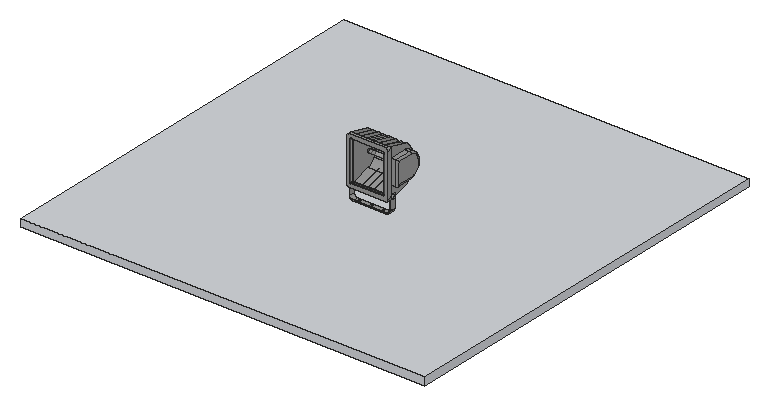
Revit family "EVJD", category Lighting Fixtures, host Face, Revit 2014
Parameters (values of type "EVJD")
  Wings = Paint - Hubbell - Light Silver
  Width = 280.00 mm
  Watts = 70 W
  Wattage Comments = "70w"
  Wattage = 70 W
  Warranty = "5 years Warranty"  # constant formula
  built-in parameter 1150110 = 1 (stored number, unit not read)
  Voltage = 120 V
  URL = "https://www.hubbell.com/chalmit/en"
  built-in parameter 1114217 = 1 (stored number, unit not read)
  Tilt Angle = 0.00°  # constant formula
  built-in parameter 1150109 = 1 (stored number, unit not read)
  built-in parameter 1150134 = 3
  built-in parameter 1150113 = 1 (stored number, unit not read)
  Reflector Finish = Hubbell - White Glass
  Product Link = "https://www.hubbell.com/chalmit/en/Products/Lighting-Controls/Harsh-Hazardous-Lighting/Flood-Lighting/Evolution-Jr/p/866083"
  Product Documentation Link = "https://hubbellcdn.com/specsheet/CHL_EVOLUTION_JR_FLOODLIGHT.pdf"
  Power Factor = 1
  Photometric Web File = "CHL_EVJD_070_MS HPS.ies"
  Pendent Height [instance] = 97.00 mm
  built-in parameter 1150142 = "IESNA:LM-63-1995\r\n[TEST]42/33591a/02.00       42 Partners\r\n[MANUFAC]Chalmit Lighting\r\n[LUMCAT]EVJD/070/MS\r\n[LUMINAIRE]Evolution Junior Wide Beam Floodlight\r\n[LAMP]70W SON-T\r\n[_LUMTYPE]Floodlight\r\n[_LAMPTYPE]HID\r\n[_LAMPMORE]Clear Tubular High Pressure Sodium, E27\r\n[_HAZRATING]Zone 1\r\n[_HAZPRO]Ex d, Ex e, ATEX, GOST, CEPEL, TIS\r\n[_ENVIRORATING]IP66, IP67\r\n[_AMBIENT]-20Â°C to +40Â°C (T4), -20Â°C to +55Â°C (T3)\r\n[_MOUNT]Surface, Suspended, Stanchion, Wall, Stirrup\r\n[_KEYWORDS]Pole, Column, Mast, Floor, Tripod, HPS\r\n[_DRAWFILE]EVJD.dwg\r\n\r\n \r\nTILT=NONE\r\n1 5800 1 37 19 2 2 0.21 0.36 0\r\n1 1 87\r\n-90 -85 -80 -75 -70 -65 -60 -55 -50 -45 -40 -35 -30 -25 -20 -15 -10 -5 0 5 10\r\n 15 20 25 30 35 40 45 50 55 60 65 70 75 80 85 90\r\n0 5 10 15 20 25 30 35 40 45 50 55 60 65 70 75 80 85 90\r\n0 11.6 23.2 46.4 75.4 121.8 208.8 510.4 649.6 1142.6 1293.4 1513.8 1664.6\r\n 1641.4 1769 1827 1948.8 2047.4 2105.4 2047.4 1948.8 1827 1769 1641.4 1664.6\r\n 1513.8 1293.4 1142.6 649.6 510.4 208.8 121.8 75.4 46.4 23.2 11.6 0\r\n0 11.6 23.2 46.4 75.4 121.8 197.2 510.4 725 1107.8 1345.6 1490.6 1618.2 1647.2\r\n 1751.6 1803.8 1931.4 2041.6 2059 2041.6 1931.4 1803.8 1751.6 1647.2 1618.2\r\n 1490.6 1345.6 1107.8 725 510.4 197.2 121.8 75.4 46.4 23.2 11.6 0\r\n0 11.6 17.4 40.6 69.6 116 185.6 493 713.4 1067.2 1299.2 1467.4 1618.2 1612.4\r\n 1716.8 1757.4 1856 1931.4 1977.8 1931.4 1856 1757.4 1716.8 1612.4 1618.2\r\n 1467.4 1299.2 1067.2 713.4 493 185.6 116 69.6 40.6 17.4 11.6 0\r\n0 11.6 17.4 40.6 63.8 110.2 174 446.6 614.8 991.8 1229.6 1403.6 1583.4 1577.6\r\n 1647.2 1676.2 1751.6 1821.2 1856 1821.2 1751.6 1676.2 1647.2 1577.6 1583.4\r\n 1403.6 1229.6 991.8 614.8 446.6 174 110.2 63.8 40.6 17.4 11.6 0\r\n0 11.6 17.4 34.8 63.8 104.4 162.4 388.6 568.4 881.6 1160 1334 1519.6 1542.8\r\n 1583.4 1612.4 1670.4 1728.4 1792.2 1728.4 1670.4 1612.4 1583.4 1542.8 1519.6\r\n 1334 1160 881.6 568.4 388.6 162.4 104.4 63.8 34.8 17.4 11.6 0\r\n0 5.8 17.4 34.8 58 92.8 145 319 527.8 771.4 1102 1276 1426.8 1461.6 1432.6 1421\r\n 1421 1438.4 1502.2 1438.4 1421 1421 1432.6 1461.6 1426.8 1276 1102 771.4 527.8\r\n 319 145 92.8 58 34.8 17.4 5.8 0\r\n0 5.8 17.4 34.8 58 81.2 121.8 243.6 498.8 643.8 974.4 1160 1264.4 1305 1223.8\r\n 1148.4 1102 1078.8 1090.4 1078.8 1102 1148.4 1223.8 1305 1264.4 1160 974.4\r\n 643.8 498.8 243.6 121.8 81.2 58 34.8 17.4 5.8 0\r\n0 5.8 17.4 29 52.2 69.6 104.4 162.4 417.6 516.2 759.8 986 1015 1102 1026.6\r\n 916.4 841 783 771.4 783 841 916.4 1026.6 1102 1015 986 759.8 516.2 417.6 162.4\r\n 104.4 69.6 52.2 29 17.4 5.8 0\r\n0 5.8 11.6 29 40.6 63.8 92.8 133.4 278.4 429.2 533.6 719.2 858.4 875.8 823.6\r\n 713.4 632.2 568.4 545.2 568.4 632.2 713.4 823.6 875.8 858.4 719.2 533.6 429.2\r\n 278.4 133.4 92.8 63.8 40.6 29 11.6 5.8 0\r\n0 5.8 11.6 23.2 34.8 52.2 81.2 104.4 156.6 336.4 411.8 458.2 667 638 603.2\r\n 539.4 475.6 417.6 400.2 417.6 475.6 539.4 603.2 638 667 458.2 411.8 336.4\r\n 156.6 104.4 81.2 52.2 34.8 23.2 11.6 5.8 0\r\n0 5.8 11.6 17.4 29 46.4 63.8 81.2 104.4 162.4 237.8 324.8 400.2 440.8 411.8\r\n 365.4 301.6 237.8 220.4 237.8 301.6 365.4 411.8 440.8 400.2 324.8 237.8 162.4\r\n 104.4 81.2 63.8 46.4 29 17.4 11.6 5.8 0\r\n0 5.8 11.6 17.4 29 40.6 46.4 63.8 75.4 81.2 98.6 179.8 208.8 208.8 232 208.8\r\n 150.8 110.2 92.8 110.2 150.8 208.8 232 208.8 208.8 179.8 98.6 81.2 75.4 63.8\r\n 46.4 40.6 29 17.4 11.6 5.8 0\r\n0 5.8 5.8 17.4 23.2 29 34.8 46.4 52.2 58 63.8 63.8 81.2 104.4 92.8 98.6 81.2\r\n 63.8 58 63.8 81.2 98.6 92.8 104.4 81.2 63.8 63.8 58 52.2 46.4 34.8 29 23.2\r\n 17.4 5.8 5.8 0\r\n0 5.8 5.8 11.6 17.4 23.2 29 34.8 40.6 46.4 46.4 46.4 46.4 46.4 52.2 52.2 46.4\r\n 46.4 40.6 46.4 46.4 52.2 52.2 46.4 46.4 46.4 46.4 46.4 40.6 34.8 29 23.2 17.4\r\n 11.6 5.8 5.8 0\r\n0 0 5.8 5.8 11.6 17.4 23.2 29 29 34.8 34.8 34.8 34.8 34.8 34.8 34.8 34.8 29 29\r\n 29 34.8 34.8 34.8 34.8 34.8 34.8 34.8 34.8 29 29 23.2 17.4 11.6 5.8 5.8 0 0\r\n0 0 5.8 5.8 11.6 11.6 11.6 17.4 23.2 23.2 29 29 29 29 29 23.2 29 23.2 23.2 23.2\r\n 29 23.2 29 29 29 29 29 23.2 23.2 17.4 11.6 11.6 11.6 5.8 5.8 0 0\r\n0 0 5.8 5.8 5.8 5.8 5.8 5.8 11.6 11.6 17.4 17.4 17.4 17.4 17.4 17.4 17.4 17.4\r\n 17.4 17.4 17.4 17.4 17.4 17.4 17.4 17.4 17.4 11.6 11.6 5.8 5.8 5.8 5.8 5.8 5.8\r\n 0 0\r\n0 0 0 0 5.8 0 0 0 0 0 5.8 5.8 5.8 5.8 5.8 5.8 11.6 11.6 11.6 11.6 11.6 5.8 5.8\r\n 5.8 5.8 5.8 5.8 0 0 0 0 0 5.8 0 0 0 0\r\n0 0 0 0 0 0 0 0 0 0 0 0 0 0 0 0 0 0 0 0 0 0 0 0 0 0 0 0 0 0 0 0 0 0 0 0 0\r\n"
  Mounting = Paint - Hubbell - Light Silver
  Model = "EVJD"
  Manufacturer = "Chalmit"  # constant formula
  built-in parameter 1150105 = 4637.8 (stored number, unit not read)
  Lumens = 7000 lm
  built-in parameter 1150115 = 1 (stored number, unit not read)
  Load Classification = Lighting
  built-in parameter 1150137 = (empty or 0)
  built-in parameter 1150139 = (empty or 0)
  Length = 248.00 mm
  built-in parameter 1150112 = 1 (stored number, unit not read)
  built-in parameter 1150114 = 1 (stored number, unit not read)
  Lamp = "LED"  # constant formula
  built-in parameter 1150132 = (empty or 0)
  built-in parameter 1150102 = (empty or 0)
  built-in parameter 1150107 = 3200 (stored number, unit not read)
  built-in parameter 1150138 = (empty or 0)
  built-in parameter 1150106 = 46.378 (stored number, unit not read)
  IP Rating = "IP66/67"  # constant formula
  Housing Material = Paint - Hubbell - Light Silver
  Glass = Hubbell - Glass
  Fixture distribution = "Direct"  # constant formula
  Features = "Installation in gas groups\r\nIIA, IIB and IIC\r\nEasy and quick access\r\nfor maintenance\r\nSimple, rapid lamp replacement\r\nand flamepath inspection\r\nExceptional photometric\r\nefficiency\r\nAvailable with secondary protective glass\r\nfor shot blasting applications"  # constant formula
  Emit from Rectangle Width = 200.00 mm  # constant formula
  Emit from Rectangle Length = 250.00 mm  # constant formula
  Emit Shape Visible in Rendering = no
  built-in parameter 1150104 = 9.2903 (stored number, unit not read)
  Height = 535.00 mm
  Dimming Lamp Color Temperature Shift = <None>
  Description = "The Evolution Junior is a lightweight and portable version of the advanced Evolution floodlight. It features the same single bolt access and has a range of floor and tripod stands for a variety of temporary applications."  # constant formula
  Default Elevation = 1219.20 mm
  Copyright = " ©2020 Chalmit, a division of Hubbell Lighting, Inc"  # constant formula
  Contact = "https://www.hubbell.com/chalmit/en/contactUs"
  Connector Description = "Lighting Connector"  # constant formula
  Color Filter = 16777215
  built-in parameter 1114218 = 1 (stored number, unit not read)
  built-in parameter 1150133 = 10 (stored number, unit not read)
  Assembly Code = "D5020200"
  Apparent Load = Watts / Power Factor  # 70 VA
Reference planes
  plane 1 "Center (Front/Back)": y = 0
  plane 2: z = 14.125
  plane 3 "Center (Left/Right)": x = 0
  plane 4: z = -150.375
  plane 5: x = 124
  plane 6: x = -124
  plane 7: z = 89.125
  plane 8: x = 207
  plane 9: y = 107.5
  plane 10: y = -107.5
  plane 11: z = 374.125
Forms (mm)
  Extrusion 1, solid
    sketch origin (0, 0, 0) x (1, 0, 0) y (0, 1, 0)
      loop
        line (-1219.2, 1219.2) -> (-1219.2, -1219.2) -> (1219.2, -1219.2) -> (1219.2, 1219.2) -> (-1219.2, 1219.2)
    from 14.125 to -31.75
  Sweep 2, solid, material "Paint - Hubbell - Light Silver" <- "Housing Material"
    path origin (0, 0, 0) x (1, 0, 0) y (0, 0, 1)
      loop
        line (-124, 124.125) -> (-124, 39.125)
        arc (-124, 39.125) -> (-116.678, 21.447) -> (-99, 14.125) r 25
        line (-99, 14.125) -> (0, 14.125) -> (99, 14.125)
        arc (99, 14.125) -> (116.678, 21.447) -> (124, 39.125) r 25
        line (124, 39.125) -> (124, 124.125)
    profile origin (-124, 0, 81.625) x (0, -1, 0) y (1, 0, 0)
      loop
        line (95, 0) -> (108.75, 0) -> (108.75, 3.75) -> (78.75, 3.75) -> (78.75, 0) -> (95, 0)
  Extrusion 3, void
    sketch origin (0, -96.25, 0) x (1, 0, 0) y (0, 1, 0)
      loop
        circle (0, 0) r 6
      loop
        circle (75, 0) r 6
      loop
        circle (-75, 0) r 6
    from 14.125 to 17.875
  Extrusion 4, solid, material "Paint - Hubbell - Light Silver" <- "Housing Material"
    sketch origin (0, -57, 2.5) x (1, 0, 0) y (0, 0, 1)
      loop
        line (-111.466, 89.009) -> (109, 89.009)
        arc (109, 89.009) -> (119.607, 93.402) -> (124, 104.009) r 15
        line (124, 104.009) -> (124, 368.643)
        arc (124, 368.643) -> (121.071, 375.714) -> (114, 378.643) r 10
        line (114, 378.643) -> (-109, 378.643)
        arc (-109, 378.643) -> (-119.607, 374.25) -> (-124, 363.643) r 15
        line (-124, 363.643) -> (-124, 101.543)
        arc (-124, 101.543) -> (-120.329, 92.68) -> (-111.466, 89.009) r 12.534
      loop
        line (89, 354.125) -> (-96.653, 354.125)
        arc (-96.653, 354.125) -> (-101.848, 351.973) -> (-104, 346.778) r 7.347
        line (-104, 346.778) -> (-104, 121.466)
        arc (-104, 121.466) -> (-101.071, 114.395) -> (-94, 111.466) r 10
        line (-94, 111.466) -> (94, 111.466)
        arc (94, 111.466) -> (101.071, 114.395) -> (104, 121.466) r 10
        line (104, 121.466) -> (104, 339.125)
        arc (104, 339.125) -> (99.607, 349.732) -> (89, 354.125) r 15
    from 48.217 to 68
  Extrusion 5, solid, material "Paint - Hubbell - Light Silver" <- "Housing Material"
    sketch origin (0, 0, 0) x (0, 1, 0) y (0, 0, 1)
      loop
        line (-105.217, 92.306) -> (-1.056, 120.216)
        arc (-1.056, 120.216) -> (19.731, 128.948) -> (37.412, 142.939) r 83.223
        arc (37.412, 142.939) -> (74.536, 248.697) -> (19.021, 346.067) r 135.058
        line (19.021, 346.067) -> (-105.217, 379.357) -> (-105.217, 92.306)
    from -119 to 119
  Extrusion 6, void
    sketch origin (-251.813, 0, 0) x (0, 1, 0) y (0, 0, 1)
      loop
        line (19.021, 346.067) -> (-105.217, 379.357) -> (-105.217, 359.125) -> (47.605, 318.176)
        arc (47.605, 318.176) -> (34.35, 333.184) -> (19.021, 346.067) r 135.058
      loop
        arc (19.021, 125.596) -> (34.35, 138.479) -> (47.605, 153.487) r 135.058
        line (47.605, 153.487) -> (-105.217, 112.538) -> (-105.217, 92.306) -> (19.021, 125.596)
    from 136.694 to 162.973
  Extrusion 7, solid, material "Hubbell - Glass" <- "Glass"
    sketch origin (0, 0, 0) x (1, 0, 0) y (0, 0, 1)
      loop
        arc (-96.653, 359.125) -> (-101.848, 356.973) -> (-104, 351.778) r 7.347
        line (-104, 351.778) -> (-104, 124.125)
        arc (-104, 124.125) -> (-101.071, 117.054) -> (-94, 114.125) r 10
        line (-94, 114.125) -> (94, 114.125)
        arc (94, 114.125) -> (101.071, 117.054) -> (104, 124.125) r 10
        line (104, 124.125) -> (104, 344.125)
        arc (104, 344.125) -> (99.607, 354.732) -> (89, 359.125) r 15
        line (89, 359.125) -> (-96.653, 359.125)
    from 108.75 to 130.091
  Revolve 8, solid, material "Paint - Hubbell - Light Silver" <- "Housing Material"
    sketch origin (0, 0, 112.5) x (1, 0, 0) y (0, 1, 0)
      loop
        line (-124, -95) -> (-124, -85) -> (-130.155, -85)
        arc (-130.155, -85) -> (-132.874, -86.126) -> (-134, -88.845) r 3.845
        line (-134, -88.845) -> (-134, -95) -> (-124, -95)
      axis (-124, -95) -> (-134, -95)
    angle from 0 to 360
  Revolve 9, solid, material "Paint - Hubbell - Light Silver" <- "Housing Material"
    sketch origin (0, 0, 112.5) x (-1, 0, 0) y (0, -1, 0)
      loop
        line (-124, 95) -> (-134, 95) -> (-134, 88.845)
        arc (-134, 88.845) -> (-132.874, 86.126) -> (-130.155, 85) r 3.845
        line (-130.155, 85) -> (-124, 85) -> (-124, 95)
      axis (-124, 95) -> (-134, 95)
    angle from 0 to 360
  Extrusion 10, void
    sketch origin (-220.403, 0, 0) x (0, 1, 0) y (0, 0, 1)
      loop
        line (19.021, 346.067) -> (-105.217, 379.357) -> (-105.217, 359.125) -> (47.605, 318.176)
        arc (47.605, 318.176) -> (34.35, 333.184) -> (19.021, 346.067) r 135.058
      loop
        arc (19.021, 125.596) -> (34.35, 138.479) -> (47.605, 153.487) r 135.058
        line (47.605, 153.487) -> (-105.217, 112.538) -> (-105.217, 92.306) -> (19.021, 125.596)
    from 136.694 to 162.973
  Extrusion 11, void
    sketch origin (-186.653, 0, 0) x (0, 1, 0) y (0, 0, 1)
      loop
        line (19.021, 346.067) -> (-105.217, 379.357) -> (-105.217, 359.125) -> (47.605, 318.176)
        arc (47.605, 318.176) -> (34.35, 333.184) -> (19.021, 346.067) r 135.058
      loop
        arc (19.021, 125.596) -> (34.35, 138.479) -> (47.605, 153.487) r 135.058
        line (47.605, 153.487) -> (-105.217, 112.538) -> (-105.217, 92.306) -> (19.021, 125.596)
    from 136.694 to 162.973
  Extrusion 12, void
    sketch origin (-151.653, 0, 0) x (0, 1, 0) y (0, 0, 1)
      loop
        line (19.021, 346.067) -> (-105.217, 379.357) -> (-105.217, 359.125) -> (47.605, 318.176)
        arc (47.605, 318.176) -> (34.35, 333.184) -> (19.021, 346.067) r 135.058
      loop
        arc (19.021, 125.596) -> (34.35, 138.479) -> (47.605, 153.487) r 135.058
        line (47.605, 153.487) -> (-105.217, 112.538) -> (-105.217, 92.306) -> (19.021, 125.596)
    from 136.694 to 162.973
  Extrusion 13, void
    sketch origin (251.653, 0, 0) x (0, 1, 0) y (0, 0, -1)
      loop
        arc (19.021, -346.067) -> (34.35, -333.184) -> (47.605, -318.176) r 135.058
        line (47.605, -318.176) -> (-105.217, -359.125) -> (-105.217, -379.357) -> (19.021, -346.067)
      loop
        line (19.021, -125.596) -> (-105.217, -92.306) -> (-105.217, -112.538) -> (47.605, -153.487)
        arc (47.605, -153.487) -> (34.35, -138.479) -> (19.021, -125.596) r 135.058
    from 136.694 to 162.973
  Extrusion 14, void
    sketch origin (219.153, 0, 0) x (0, 1, 0) y (0, 0, -1)
      loop
        arc (19.021, -346.067) -> (34.35, -333.184) -> (47.605, -318.176) r 135.058
        line (47.605, -318.176) -> (-105.217, -359.125) -> (-105.217, -379.357) -> (19.021, -346.067)
      loop
        line (19.021, -125.596) -> (-105.217, -92.306) -> (-105.217, -112.538) -> (47.605, -153.487)
        arc (47.605, -153.487) -> (34.35, -138.479) -> (19.021, -125.596) r 135.058
    from 136.694 to 162.973
  Extrusion 15, void
    sketch origin (184.153, 0, 0) x (0, 1, 0) y (0, 0, -1)
      loop
        arc (19.021, -346.067) -> (34.35, -333.184) -> (47.605, -318.176) r 135.058
        line (47.605, -318.176) -> (-105.217, -359.125) -> (-105.217, -379.357) -> (19.021, -346.067)
      loop
        line (19.021, -125.596) -> (-105.217, -92.306) -> (-105.217, -112.538) -> (47.605, -153.487)
        arc (47.605, -153.487) -> (34.35, -138.479) -> (19.021, -125.596) r 135.058
    from 136.694 to 162.973
  Extrusion 16, void
    sketch origin (0, 0, 0) x (0, 1, 0) y (0, 0, 1)
      loop
        line (-130.091, 361.101) -> (-130.091, 110.562) -> (3.883, 146.46)
        arc (3.883, 146.46) -> (29.742, 160.223) -> (46.932, 183.941) r 65
        arc (46.932, 183.941) -> (57.577, 234.911) -> (48.149, 286.12) r 135.058
        arc (48.149, 286.12) -> (30.954, 310.76) -> (4.514, 325.033) r 65
        line (4.514, 325.033) -> (-130.091, 361.101)
    from -101.141 to 102.84
  Revolve 17, solid, material "Hubbell - Glass" <- "Glass"
    sketch origin (0, 0, 0) x (1, 0, 0) y (0, 0, 1)
      loop
        line (-80.956, 226.472) -> (82.413, 226.472)
        arc (82.413, 226.472) -> (92.847, 230.116) -> (98.744, 239.463) r 16.761
        line (98.744, 239.463) -> (-97.287, 239.463)
        arc (-97.287, 239.463) -> (-91.39, 230.116) -> (-80.956, 226.472) r 16.761
      axis (98.744, 239.463) -> (-97.287, 239.463)
    angle from 0 to 360
  Extrusion 18, solid, material "Paint - Hubbell - Light Silver" <- "Housing Material"
    sketch origin (0, 0, 0) x (0, 1, 0) y (0, 0, 1)
      loop
        line (-105.217, 321.625) -> (-105.217, 176.625) -> (-3.17, 176.625)
        arc (-3.17, 176.625) -> (31.109, 186.398) -> (55.079, 212.78) r 65
        arc (55.079, 212.78) -> (63.586, 249.125) -> (55.079, 285.47) r 81.901
        arc (55.079, 285.47) -> (31.109, 311.852) -> (-3.17, 321.625) r 65
        line (-3.17, 321.625) -> (-105.217, 321.625)
    from 124 to 163.933
  Sweep 19, void
    path in 3D
      loop
        line (163.933, -105.217, 321.625) -> (163.933, -105.217, 176.625) -> (163.933, -3.17, 176.625)
        arc (163.933, -3.17, 176.625) -> (163.933, 31.109, 186.398) -> (163.933, 55.079, 212.78) r 65
        arc (163.933, 55.079, 212.78) -> (163.933, 63.586, 249.125) -> (163.933, 55.079, 285.47) r 81.901
        arc (163.933, 55.079, 285.47) -> (163.933, 31.109, 311.852) -> (163.933, -3.17, 321.625) r 65
        line (163.933, -3.17, 321.625) -> (163.933, -105.217, 321.625)
    profile origin (163.933, -54.193, 321.625) x (1, 0, 0) y (0, 0, 1)
      loop
        line (0, 0) -> (-10, 0)
        arc (-10, 0) -> (-2.929, -2.929) -> (0, -10) r 10
        line (0, -10) -> (0, 0)
Cuts and joins
  Extrusion 3, Extrusion 16 cuts Sweep 2
  Extrusion 6, Extrusion 10, Extrusion 11, Extrusion 12, Extrusion 13, Extrusion 14, Extrusion 15, Extrusion 16, Sweep 19 cuts Extrusion 5
  Sweep 19 cuts Extrusion 18
  joined: Extrusion 5, Extrusion 18
  Extrusion 6, Extrusion 16 cuts Extrusion 4
  Extrusion 16 cuts Extrusion 7
  Extrusion 16 cuts Revolve 9
Lines and regions (mm)
  sketch lines
    curve 1: line (163.933, -3.17, 321.625) -> (163.933, -105.217, 321.625)
    curve 2: line (163.933, -105.217, 321.625) -> (163.933, -105.217, 176.625)
    curve 3: line (163.933, -105.217, 176.625) -> (163.933, -3.17, 176.625)
    curve 4: arc (163.933, 55.079, 212.78) -> (163.933, 31.109, 186.398) -> (163.933, -3.17, 176.625) r 65
    curve 5: arc (163.933, -3.17, 321.625) -> (163.933, 31.109, 311.852) -> (163.933, 55.079, 285.47) r 65
    curve 6: arc (163.933, 55.079, 285.47) -> (163.933, 63.586, 249.125) -> (163.933, 55.079, 212.78) r 81.901
Dimensions and locks
  plane 2 to plane 4 = 164.50 mm
  "Length": plane 5 to plane 6
  equal spacing: plane 5, plane 3 "Center (Left/Right)", plane 6
  plane 8 to plane 6 = 331.00 mm
  plane 2 to plane 7 to plane 11 = 75.00 mm, 285.00 mm
  plane 2 to plane 11 = 360.00 mm
  aligned and locked: plane 2 to Extrusion 1
  aligned and locked: cut or joined group of Sweep 2, Extrusion 3, Extrusion 16 to Extrusion 3  (x2)
  aligned and locked: Extrusion 7 to cut or joined group of Sweep 2, Extrusion 3, Extrusion 16
Automatic sketch dimensions
  Extrusion 1 sketch curve to Extrusion 1 sketch curve = 2438.40 mm  (x2)
  Sweep 2 sketch curve to profile plane = 0.00 mm
  plane 1 "Center (Front/Back)" to Sweep 2 sketch curve = 78.75 mm
  Sweep 2 sketch curve to Sweep 2 sketch curve = 16.25 mm
  Sweep 2 sketch curve to Sweep 2 sketch curve = 13.75 mm
  Sweep 2 sketch curve to profile plane = 3.75 mm
  Extrusion 4 sketch curve to plane 6 = 0.00 mm
  Extrusion 4 sketch curve to plane 5 = 0.00 mm
  plane 6 to Extrusion 4 sketch curve = 12.534 mm
  plane 6 to Extrusion 4 sketch curve = 15.00 mm
  plane 6 to Extrusion 4 sketch curve = 20.00 mm
  Extrusion 4 sketch curve to Extrusion 4 sketch curve = 7.347 mm
  Extrusion 4 sketch curve to Extrusion 4 sketch curve = 10.00 mm  (x2)
  Extrusion 4 sketch curve to plane 5 = 35.00 mm
  Extrusion 4 sketch curve to plane 5 = 30.00 mm
  Extrusion 4 sketch curve to Extrusion 4 sketch curve = 15.00 mm
  Extrusion 4 sketch curve to plane 5 = 15.00 mm
  plane 11 to Extrusion 4 sketch curve = 2.982 mm
  plane 11 to Extrusion 4 sketch curve = 17.50 mm
  Extrusion 4 sketch curve to plane 7 = 34.841 mm
  Extrusion 4 sketch curve to Extrusion 4 sketch curve = 7.457 mm
  Extrusion 5 sketch curve to plane 10 = 2.283 mm
  Extrusion 5 sketch curve to plane 10 = 47.529 mm
  plane 1 "Center (Front/Back)" to Extrusion 5 sketch curve = 22.596 mm
  plane 1 "Center (Front/Back)" to Extrusion 5 sketch curve = 1.056 mm
  Extrusion 5 sketch curve to plane 1 "Center (Front/Back)" = 19.021 mm
  Extrusion 5 sketch curve to plane 7 = 3.181 mm
  Extrusion 5 sketch curve to plane 7 = 31.091 mm
  Extrusion 5 sketch curve to Extrusion 5 sketch curve = 80.387 mm
  Extrusion 5 sketch curve to Extrusion 5 sketch curve = 35.916 mm
  plane 11 to Extrusion 5 sketch curve = 28.058 mm
  Extrusion 5 sketch curve to plane 11 = 5.232 mm
  Extrusion 6 sketch curve to plane 10 = 2.283 mm  (x2)
  Extrusion 6 sketch curve to plane 10 = 47.529 mm
  Extrusion 6 sketch curve to Extrusion 6 sketch curve = 0.00 mm
  Extrusion 6 sketch curve to plane 1 "Center (Front/Back)" = 19.021 mm  (x2)
  Extrusion 6 sketch curve to Extrusion 6 sketch curve = 28.584 mm  (x2)
  Extrusion 6 sketch curve to plane 7 = 3.181 mm
  Extrusion 6 sketch curve to Extrusion 6 sketch curve = 20.232 mm
  Extrusion 6 sketch curve to plane 7 = 36.471 mm
  Extrusion 6 sketch curve to Extrusion 6 sketch curve = 27.891 mm
  Extrusion 6 sketch curve to Extrusion 6 sketch curve = 1.375 mm
  plane 11 to Extrusion 6 sketch curve = 55.949 mm
  plane 11 to Extrusion 6 sketch curve = 15.00 mm
  Extrusion 6 sketch curve to plane 11 = 5.232 mm
  plane 6 to Extrusion 7 sketch curve = 20.00 mm
  Extrusion 7 sketch curve to Extrusion 7 sketch curve = 7.347 mm
  Extrusion 7 sketch curve to Extrusion 7 sketch curve = 10.00 mm  (x2)
  plane 11 to Extrusion 7 sketch curve = 30.00 mm
  Extrusion 7 sketch curve to plane 5 = 35.00 mm
  Extrusion 7 sketch curve to plane 5 = 30.00 mm
  Extrusion 7 sketch curve to plane 7 = 35.00 mm
  Revolve 8 sketch curve to plane 6 = 0.00 mm  (x2)
  Revolve 8 sketch curve to plane 6 = 6.155 mm
  Revolve 8 sketch curve to Revolve 8 sketch curve = 3.845 mm
  Revolve 8 sketch curve to plane 10 = 12.50 mm  (x2)
  Revolve 8 sketch curve to Revolve 8 sketch curve = 6.155 mm
  Revolve 8 sketch curve to Revolve 8 sketch curve = 50.00 mm
  Revolve 9 sketch curve to plane 5 = 0.00 mm  (x2)
  plane 5 to Revolve 9 sketch curve = 6.155 mm
  Revolve 9 sketch curve to Revolve 9 sketch curve = 3.845 mm
  Revolve 9 sketch curve to plane 10 = 22.50 mm
  Revolve 9 sketch curve to Revolve 9 sketch curve = 6.155 mm
  Revolve 9 sketch curve to plane 8 = 23.00 mm
  Revolve 9 sketch curve to plane 10 = 12.50 mm
  Extrusion 10 sketch curve to plane 10 = 2.283 mm  (x2)
  Extrusion 10 sketch curve to plane 10 = 47.529 mm
  Extrusion 10 sketch curve to Extrusion 10 sketch curve = 0.00 mm
  Extrusion 10 sketch curve to plane 1 "Center (Front/Back)" = 19.021 mm  (x2)
  Extrusion 10 sketch curve to Extrusion 10 sketch curve = 28.584 mm  (x2)
  Extrusion 10 sketch curve to plane 7 = 3.181 mm
  Extrusion 10 sketch curve to Extrusion 10 sketch curve = 20.232 mm
  Extrusion 10 sketch curve to plane 7 = 36.471 mm
  Extrusion 10 sketch curve to Extrusion 10 sketch curve = 27.891 mm
  Extrusion 10 sketch curve to Extrusion 10 sketch curve = 1.375 mm
  plane 11 to Extrusion 10 sketch curve = 55.949 mm
  plane 11 to Extrusion 10 sketch curve = 15.00 mm
  Extrusion 10 sketch curve to plane 11 = 5.232 mm
  Extrusion 11 sketch curve to plane 10 = 2.283 mm  (x2)
  Extrusion 11 sketch curve to plane 10 = 47.529 mm
  Extrusion 11 sketch curve to Extrusion 11 sketch curve = 0.00 mm
  Extrusion 11 sketch curve to plane 1 "Center (Front/Back)" = 19.021 mm  (x2)
  Extrusion 11 sketch curve to Extrusion 11 sketch curve = 28.584 mm  (x2)
  Extrusion 11 sketch curve to plane 7 = 3.181 mm
  Extrusion 11 sketch curve to Extrusion 11 sketch curve = 20.232 mm
  Extrusion 11 sketch curve to plane 7 = 36.471 mm
  Extrusion 11 sketch curve to Extrusion 11 sketch curve = 27.891 mm
  Extrusion 11 sketch curve to Extrusion 11 sketch curve = 1.375 mm
  plane 11 to Extrusion 11 sketch curve = 55.949 mm
  plane 11 to Extrusion 11 sketch curve = 15.00 mm
  Extrusion 11 sketch curve to plane 11 = 5.232 mm
  Extrusion 12 sketch curve to plane 10 = 2.283 mm  (x2)
  Extrusion 12 sketch curve to plane 10 = 47.529 mm
  Extrusion 12 sketch curve to Extrusion 12 sketch curve = 0.00 mm
  Extrusion 12 sketch curve to plane 1 "Center (Front/Back)" = 19.021 mm  (x2)
  Extrusion 12 sketch curve to Extrusion 12 sketch curve = 28.584 mm  (x2)
  Extrusion 12 sketch curve to plane 7 = 3.181 mm
  Extrusion 12 sketch curve to Extrusion 12 sketch curve = 20.232 mm
  Extrusion 12 sketch curve to plane 7 = 36.471 mm
  Extrusion 12 sketch curve to Extrusion 12 sketch curve = 27.891 mm
  Extrusion 12 sketch curve to Extrusion 12 sketch curve = 1.375 mm
  plane 11 to Extrusion 12 sketch curve = 55.949 mm
  plane 11 to Extrusion 12 sketch curve = 15.00 mm
  Extrusion 12 sketch curve to plane 11 = 5.232 mm
  Extrusion 13 sketch curve to plane 10 = 2.283 mm  (x2)
  Extrusion 13 sketch curve to plane 10 = 47.529 mm
  Extrusion 13 sketch curve to Extrusion 13 sketch curve = 0.00 mm
  Extrusion 13 sketch curve to plane 1 "Center (Front/Back)" = 19.021 mm  (x2)
  Extrusion 13 sketch curve to Extrusion 13 sketch curve = 28.584 mm  (x2)
  Extrusion 13 sketch curve to plane 11 = 5.232 mm
  plane 11 to Extrusion 13 sketch curve = 15.00 mm
  plane 11 to Extrusion 13 sketch curve = 28.058 mm
  Extrusion 13 sketch curve to Extrusion 13 sketch curve = 27.891 mm
  Extrusion 13 sketch curve to Extrusion 13 sketch curve = 1.375 mm
  Extrusion 13 sketch curve to plane 7 = 64.362 mm
  Extrusion 13 sketch curve to plane 7 = 23.413 mm
  Extrusion 13 sketch curve to plane 7 = 3.181 mm
  Extrusion 14 sketch curve to plane 10 = 2.283 mm  (x2)
  Extrusion 14 sketch curve to plane 10 = 47.529 mm
  Extrusion 14 sketch curve to Extrusion 14 sketch curve = 0.00 mm
  Extrusion 14 sketch curve to plane 1 "Center (Front/Back)" = 19.021 mm  (x2)
  Extrusion 14 sketch curve to Extrusion 14 sketch curve = 28.584 mm  (x2)
  Extrusion 14 sketch curve to plane 11 = 5.232 mm
  plane 11 to Extrusion 14 sketch curve = 15.00 mm
  plane 11 to Extrusion 14 sketch curve = 28.058 mm
  Extrusion 14 sketch curve to Extrusion 14 sketch curve = 27.891 mm
  Extrusion 14 sketch curve to Extrusion 14 sketch curve = 1.375 mm
  Extrusion 14 sketch curve to plane 7 = 64.362 mm
  Extrusion 14 sketch curve to plane 7 = 23.413 mm
  Extrusion 14 sketch curve to plane 7 = 3.181 mm
  Extrusion 15 sketch curve to plane 10 = 2.283 mm  (x2)
  Extrusion 15 sketch curve to plane 10 = 47.529 mm
  Extrusion 15 sketch curve to Extrusion 15 sketch curve = 0.00 mm
  Extrusion 15 sketch curve to plane 1 "Center (Front/Back)" = 19.021 mm  (x2)
  Extrusion 15 sketch curve to Extrusion 15 sketch curve = 28.584 mm  (x2)
  Extrusion 15 sketch curve to plane 11 = 5.232 mm
  plane 11 to Extrusion 15 sketch curve = 15.00 mm
  plane 11 to Extrusion 15 sketch curve = 28.058 mm
  Extrusion 15 sketch curve to Extrusion 15 sketch curve = 27.891 mm
  Extrusion 15 sketch curve to Extrusion 15 sketch curve = 1.375 mm
  Extrusion 15 sketch curve to plane 7 = 64.362 mm
  Extrusion 15 sketch curve to plane 7 = 23.413 mm
  Extrusion 15 sketch curve to plane 7 = 3.181 mm
  Extrusion 3 sketch curve to plane 3 "Center (Left/Right)" = 0.00 mm
  Extrusion 3 sketch curve to plane 10 = 11.25 mm  (x3)
  plane 6 to Extrusion 3 sketch curve = 49.00 mm
  Extrusion 3 sketch curve to plane 5 = 49.00 mm
  Sweep 2 sketch curve to plane 6 = 0.00 mm
  Sweep 2 sketch curve to plane 2 = 0.00 mm
  Sweep 2 sketch curve to plane 3 "Center (Left/Right)" = 0.00 mm
  Sweep 2 sketch curve to plane 5 = 0.00 mm
  plane 2 to Sweep 2 sketch curve = 25.00 mm  (x2)
  Sweep 2 sketch curve to plane 7 = 35.00 mm  (x2)
  Extrusion 16 sketch curve to plane 10 = 30.029 mm
  plane 1 "Center (Front/Back)" to Extrusion 16 sketch curve = 12.309 mm
  plane 1 "Center (Front/Back)" to Extrusion 16 sketch curve = 12.94 mm
  Extrusion 16 sketch curve to plane 1 "Center (Front/Back)" = 4.514 mm
  Extrusion 16 sketch curve to plane 1 "Center (Front/Back)" = 3.883 mm
  Extrusion 16 sketch curve to plane 7 = 57.335 mm
  Extrusion 16 sketch curve to Extrusion 16 sketch curve = 62.785 mm
  Extrusion 16 sketch curve to Extrusion 16 sketch curve = 27.273 mm
  Extrusion 16 sketch curve to Extrusion 16 sketch curve = 53.003 mm
  plane 11 to Extrusion 16 sketch curve = 49.092 mm
  plane 10 to Extrusion 16 sketch curve = 22.591 mm
  Extrusion 16 sketch curve to Extrusion 16 sketch curve = 0.00 mm
  Extrusion 16 sketch curve to plane 7 = 21.437 mm
  plane 11 to Extrusion 16 sketch curve = 13.024 mm
  Revolve 17 sketch curve to plane 5 = 41.587 mm
  Revolve 17 sketch curve to Revolve 17 sketch curve = 16.331 mm
  Revolve 17 sketch curve to plane 7 = 137.347 mm
  Revolve 17 sketch curve to Revolve 17 sketch curve = 12.99 mm
  Revolve 17 sketch curve to Revolve 17 sketch curve = 3.77 mm
  plane 6 to Revolve 17 sketch curve = 26.713 mm
  Revolve 17 sketch curve to plane 3 "Center (Left/Right)" = 29.706 mm
  Revolve 17 sketch curve to Revolve 17 sketch curve = 3.45 mm
  Revolve 17 sketch curve to Revolve 17 sketch curve = 0.00 mm
  Extrusion 18 sketch curve to plane 10 = 2.283 mm
  plane 1 "Center (Front/Back)" to Extrusion 18 sketch curve = 18.315 mm
  plane 1 "Center (Front/Back)" to Extrusion 18 sketch curve = 3.17 mm  (x2)
  Extrusion 18 sketch curve to plane 7 = 87.50 mm
  Extrusion 18 sketch curve to Extrusion 18 sketch curve = 65.00 mm
  Extrusion 18 sketch curve to Extrusion 18 sketch curve = 7.50 mm
  Extrusion 18 sketch curve to Extrusion 18 sketch curve = 15.00 mm
  plane 11 to Extrusion 18 sketch curve = 52.50 mm
  Extrusion 18 sketch curve to Extrusion 18 sketch curve = 0.00 mm
  Sweep 19 sketch curve to profile plane = 0.00 mm
  profile plane to Sweep 19 sketch curve = 0.00 mm
  profile plane to Sweep 19 sketch curve = 10.00 mm
  radius of Extrusion 3 sketch curve = 6.00 mm  (x3)
Connectors
  electrical at (0, -93.75, 17.875), driven by "Voltage", driven by "Apparent Load", driven by "Power Factor", driven by "Connector Description"
    settings: on Sweep 2, index 1, voltage 120 V, apparent load 70 VA, apparent load phase1 0 VA, apparent load phase2 0 VA, apparent load phase3 0 VA, power factor 1, load classification "Other", number of poles 1, system type 30, power factor state 1, is connector primary yes, connector utility no, sub classification motor no, connector description "Lighting Connector"
